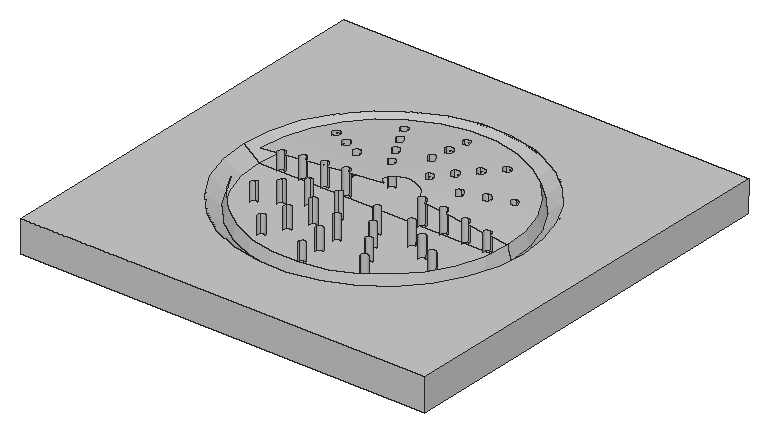
Revit family "PlumbingFixture_GroheLimited_Rainshower_FSeriesSideShower_27251000_METRIC1", category Plumbing Fixtures, host Face, Revit 2015
Parameters (values of type "27251000")
  _DistributedBy = "www.bimstore.co.uk"
  _CurrentRevision = 1
  _CreatedBy = "www.bimstore.co.uk"
  _BimSpecGuid = 0
  _BSBibleVersion = 14
  _AuthorizedBy = "Kris Atkinson"
  _Author = "RW"
  Waste Connection = no
  WarrantyStartDate [instance] = "Please Record On Commissioning."
  WarrantyGuarantorParts = "info-uk@grohe.com"
  WarrantyGuarantorLabor = "info-uk@grohe.com"
  WarrantyDurationUnit = "Years"
  WarrantyDurationParts = "n/a"
  WarrantyDurationLabor = "n/a"
  WarrantyDescription = "n/a"
  WFU = 0
  Vent Connection = no
  URL = "www.grohe.com"
  TypeName = "Rainshower F-Series 5'' Side shower 1 spray"
  Type Comments = "27251000"
  SpareParts = "n/a"
  Size = "n/a"
  Shape = "n/a"
  SerialNumber [instance] = "Please Record On Commissioning."
  ReplacementCost = "n/a"
  ReferencedStandard = "n/a"
  ProductionYear = "2017"
  ProductPageURL = "https://www.grohe.co.uk/en_gb/rainshower-f-series-side-shower-1-spray-27251000.html"
  ProductDocumentationLink = "https://cdn.cloud.grohe.com/tpi/1000/1600/1620/1620/1620854/original/1620854.pdf"
  PrimaryMaterial = GroheLimited-Chrome
  PipeMaterial = GroheLimited-Pipework
  PercentageOfRecycledContent = "n/a"
  NominalLength = 127 mm
  NominalHeight = 127 mm
  NominalDepth = 15 mm
  NBSReference = "45-35-70/333"
  NBSOfficeMasterTag = "n/a"
  NBSObjectName = "Grohe Limited - Shower heads"
  NBSNote = ""
  NBSDescription = "Shower heads"
  ModelReference = "Rainshower F-Series 5'' Side shower 1 spray"
  ModelNumber = "27251000"
  Model = "Rainshower F-Series 5'' Side shower 1 spray"
  Material = "Chrome"
  MasterformatTitle = "Sanitary Facilities"
  MasterformatNumber = "01 52 19"
  ManufacturerName = "Grohe Limited"
  Manufacturer = "Grohe Limited"
  LowEmittingMaterial = no
  LEEDCredit = "n/a"
  Keynote = "N13"
  InstallationDate [instance] = "Please Record On Commissioning."
  IndustryStandards = "n/a"
  IfcExportType = "IfcPipeFittingType"
  IfcExportAs = "IfcPipeFitting"
  HotWaterConnectionDiameter = 10 mm
  HWFU = 4.5
  HW Connection = yes
  Grade = "n/a"
  Finish = "Chrome"
  Features = "Rainshower F-Series 5'' Side shower 1 spray Normal spray including concealed body 127 x 127 mm flow straightener with ball joint (± 12.5° rotatable) connection thread ½'' GROHE DreamSpray perfect spray pattern GROHE StarLight chrome finish GROHE FlowBalance flow regulating screw SpeedClean anti-lime system suitable for instantaneous heater"
  ExpectedLife = 0
  Ecojoy = no
  DurationUnit = "Years"
  DocumentationTechnical = "n/a"
  DocumentationMaintenance = "https://cdn.cloud.grohe.com/tpi/1000/1900/1940/1948/1948997/original/1948997.pdf#_ga=2.186584809.1122286748.1499669933-265171350.1499239726"
  DocumentationLiterature = "n/a"
  DocumentationInstallationGuide = "n/a"
  DocumentationCertificates = "n/a"
  Description = "Rainshower F-Series 5'' Side shower 1 spray Normal spray including concealed body 127 x 127 mm flow straightener with ball joint (± 12.5° rotatable) connection thread ½'' GROHE DreamSpray perfect spray pattern GROHE StarLight chrome finish GROHE FlowBalance flow regulating screw SpeedClean anti-lime system suitable for instantaneous heater"
  Default Elevation = 0 mm
  CreatedOn = "2017-06-01T09:00:00"
  CreatedBy = "info-uk@grohe.com"
  Cost = 0
  Constituents = "n/a"
  Color = "Chrome"
  ColdWaterConnectionDiameter = 10 mm
  CodePerformance = "n/a"
  ClassificationValue = "Pr_40_20_87_76"
  ClassificationName = "Uniclass2015"
  CWFU = 4.5
  CW Connection = yes
  BarCode [instance] = "Please Record On Commissioning."
  BIMObjectName = "PlumbingFixture_GroheLimited_Rainshower_FSeriesSideShower_27251000_METRIC"
  AssetType = "Fixed"
  AssetIdentifier [instance] = "Please Record On Commissioning."
  Assembly Code = "D2010"
  AccessibilityPerformance = "n/a"
  ADACompliant = no
Types (10, lengths in mm): name | Type Comments | PrimaryMaterial | ModelNumber | Material | Finish | Color
  (no name) | "27251000" | GroheLimited-Chrome | "27251000" | "Chrome" | "Chrome" | "Chrome"
  27251000 | "27251000" | GroheLimited-Chrome | "27251000" | "Chrome" | "Chrome" | "Chrome"
  27251A00 | "27251A00" | GroheLimited-HardGraphite | "27251A00" | "Hard Graphite" | "Hard Graphite" | "Hard Graphite"
  27251AL0 | "27251AL0" | GroheLimited-BrushedHardGraphite | "27251AL0" | "Brushed Hard Graphite" | "Brushed Hard Graphite" | "Brushed Hard Graphite"
  27251EN0 | "27251EN0" | GroheLimited-BrushedNickel | "27251EN0" | "Brushed Nickel" | "Brushed Nickel" | "Brushed Nickel"
  27251BE0 | "27251BE0" | GroheLimited-Nickel | "27251BE0" | "Polished Nickel" | "Polished Nickel" | "Polished Nickel"
  27251DA0 | "27251DA0" | GroheLimited-WarmSunset | "27251DA0" | "Warm Sunset" | "Warm Sunset" | "Warm Sunset"
  27251DL0 | "27251DL0" | GroheLimited-BrushedWarmSunset | "27251DL0" | "Brushed Warm Sunset" | "Brushed Warm Sunset" | "Brushed Warm Sunset"
  27251GL0 | "27251GL0" | GroheLimited-CoolSunrise | "27251GL0" | "Cool Sunrise" | "Cool Sunrise" | "Cool Sunrise"
  27251GN0 | "27251GN0" | GroheLimited-BrushedCoolSunrise | "27251GN0" | "Brushed Cool Sunrise" | "Brushed Cool Sunrise" | "Brushed Cool Sunrise"
Reference planes
  plane 1 "Center (Front/Back)": y = 0
  plane 2: z = 0
  plane 3 "Center (Left/Right)": x = 0
  plane 4: z = 0
  plane 5 "Logo": z = 10
Forms (mm)
  Sweep 1, solid, material "GroheLimited-Pipework" <- "PipeMaterial"
    path in 3D
      loop
        line (6.735, 0, 0) -> (6.735, 0, -22.649)
    profile origin (6.735, 0, -11.324) x (0, -1, 0) y (1, 0, 0)
      loop
        circle (0, 0) r 4.75
  Sweep 2, solid, material "GroheLimited-Pipework" <- "PipeMaterial"
    path in 3D
      loop
        line (-6.39, 0, 0) -> (-6.39, 0, -22.649)
    profile origin (-6.39, 0, -11.324) x (0, -1, 0) y (1, 0, 0)
      loop
        circle (0, 0) r 4.75
  Extrusion 3, solid, material "GroheLimited-Chrome" <- "PrimaryMaterial"
    sketch origin (6.735, 0, -11.324) x (0, -1, 0) y (1, 0, 0)
      loop
        line (-63.5, -70.235) -> (63.5, -70.235) -> (63.5, 56.765) -> (-63.5, 56.765) -> (-63.5, -70.235)
    from 11.324 to 21.324
  Revolve 4, solid, material "GroheLimited-Chrome" <- "PrimaryMaterial"
    sketch origin (0, 0, 0) x (1, 0, 0) y (0, 0, 1)
      loop
        line (-38.923, 10.534) -> (-40.139, 6.352) -> (0, 6.352) -> (0, 14.5)
        arc (0, 14.5) -> (-19.562, 13.506) -> (-38.923, 10.534) r 192.982
      axis (0, 14.5) -> (0, 6.352)
    angle from 0 to 360
  Revolve 5, void
    sketch origin (0, 0, 0) x (1, 0, 0) y (0, 0, 1)
      loop
        line (-44.123, 10) -> (-39.374, 6.352) -> (0, 6.352) -> (0, 11.999) -> (-44.123, 11.999) -> (-44.123, 10)
      axis (0, 11.999) -> (0, 6.352)
    angle from 0 to 360
  Extrusion 6, void
    sketch origin (0, 0, 10) x (0, 1, 0) y (-1, 0, 0)
      loop
        circle (32.393, 0) r 1.022
      loop
        circle (25.531, 0) r 1.022
      loop
        circle (18.732, 0) r 1.022
      loop
        circle (28.053, -16.197) r 1.022
      loop
        circle (22.111, -12.766) r 1.022
      loop
        circle (16.223, -9.366) r 1.022
      loop
        circle (16.197, -28.053) r 1.022
      loop
        circle (12.766, -22.111) r 1.022
      loop
        circle (9.366, -16.223) r 1.022
      loop
        circle (28.053, 16.197) r 1.022
      loop
        circle (22.111, 12.766) r 1.022
      loop
        circle (16.223, 9.366) r 1.022
      loop
        circle (16.197, 28.053) r 1.022
      loop
        circle (12.766, 22.111) r 1.022
      loop
        circle (9.366, 16.223) r 1.022
      loop
        circle (-32.393, 0) r 1.022
      loop
        circle (-25.531, 0) r 1.022
      loop
        circle (-18.732, 0) r 1.022
      loop
        circle (-28.053, -16.197) r 1.022
      loop
        circle (-22.111, -12.766) r 1.022
      loop
        circle (-16.223, -9.366) r 1.022
      loop
        circle (-16.197, -28.053) r 1.022
      loop
        circle (-12.766, -22.111) r 1.022
      loop
        circle (-9.366, -16.223) r 1.022
      loop
        circle (-28.053, 16.197) r 1.022
      loop
        circle (-22.111, 12.766) r 1.022
      loop
        circle (-16.223, 9.366) r 1.022
      loop
        circle (-16.197, 28.053) r 1.022
      loop
        circle (-12.766, 22.111) r 1.022
      loop
        circle (-9.366, 16.223) r 1.022
      loop
        circle (0, 32.393) r 1.022
      loop
        circle (0, 25.531) r 1.022
      loop
        circle (0, 18.732) r 1.022
      loop
        circle (0, 11.934) r 1.022
      loop
        circle (0, -32.393) r 1.022
      loop
        circle (0, -25.531) r 1.022
      loop
        circle (0, -18.732) r 1.022
      loop
        circle (0, -11.934) r 1.022
      loop
        circle (10.335, 5.967) r 1.022
      loop
        circle (10.335, -5.967) r 1.022
      loop
        circle (-10.335, 5.967) r 1.022
      loop
        circle (-10.335, -5.967) r 1.022
    from -7.348 to 6.148
Cuts and joins
  Revolve 5 cuts Extrusion 3
  Extrusion 6 cuts Revolve 4
Lines and regions (mm)
  sketch lines
    curve 1: line (6.735, 0, 0) -> (6.735, 0, -22.649)
    curve 2: line (-6.39, 0, 0) -> (-6.39, 0, -22.649)
  model lines, detail levels fine
    curve 3: circle (0, -52.102, 10) r 1.882 normal (0, 0, 1)
    curve 4: line (-5.691, -53.985, 10) -> (-5.691, -50.22, 10)
    curve 5: line (-5.691, -50.22, 10) -> (-4.248, -50.22, 10)
    curve 6: line (-4.248, -52.102, 10) -> (-5.691, -52.102, 10)
    curve 7: line (-3.043, -53.985, 10) -> (-4.248, -52.102, 10)
    curve 8: arc (-4.248, -52.102, 10) -> (-3.306, -51.161, 10) -> (-4.248, -50.22, 10) r 0.941
    curve 9: arc (-6.82, -50.45, 10) -> (-9.547, -51.636, 10) -> (-7.723, -53.985, 10) r 1.882
    curve 10: line (-6.82, -53.985, 10) -> (-7.723, -53.985, 10)
    curve 11: line (-6.82, -53.985, 10) -> (-6.82, -52.488, 10)
    curve 12: line (3.012, -53.985, 10) -> (3.012, -50.22, 10)
    curve 13: line (3.012, -52.102, 10) -> (5.659, -52.102, 10)
    curve 14: line (6.789, -53.985, 10) -> (6.789, -50.22, 10)
    curve 15: line (6.789, -50.22, 10) -> (9.436, -50.22, 10)
    curve 16: line (9.436, -53.985, 10) -> (6.789, -53.985, 10)
    curve 17: line (6.789, -52.102, 10) -> (8.688, -52.102, 10)
    curve 18: line (5.659, -50.22, 10) -> (5.659, -53.985, 10)
    curve 35: line (-9.606, -56.214, 10) -> (9.436, -56.214, 10)
    curve 36: line (-8.747, -56.71, 10) -> (8.615, -56.786, 10)
    curve 37: line (-7.57, -57.39, 10) -> (7.594, -57.39, 10)
  model lines, not visible, detail levels fine
    curve 19: circle (-2.037, 101.335, 10) r 1.882 normal (0, 0, 1)
    curve 20: line (-7.727, 99.453, 10) -> (-7.727, 103.218, 10)
    curve 21: line (-7.727, 103.218, 10) -> (-6.284, 103.218, 10)
    curve 22: line (-6.284, 101.335, 10) -> (-7.727, 101.335, 10)
    curve 23: line (-5.08, 99.453, 10) -> (-6.284, 101.335, 10)
    curve 24: arc (-6.284, 101.335, 10) -> (-5.343, 102.277, 10) -> (-6.284, 103.218, 10) r 0.941
    curve 25: arc (-8.857, 102.987, 10) -> (-11.583, 101.801, 10) -> (-9.76, 99.453, 10) r 1.882
    curve 26: line (-8.857, 99.453, 10) -> (-9.76, 99.453, 10)
    curve 27: line (-8.857, 99.453, 10) -> (-8.857, 100.95, 10)
    curve 28: line (0.975, 99.453, 10) -> (0.975, 103.218, 10)
    curve 29: line (0.975, 101.335, 10) -> (3.623, 101.335, 10)
    curve 30: line (4.752, 99.453, 10) -> (4.752, 103.218, 10)
    curve 31: line (4.752, 103.218, 10) -> (7.399, 103.218, 10)
    curve 32: line (7.399, 99.453, 10) -> (4.752, 99.453, 10)
    curve 33: line (4.752, 101.335, 10) -> (6.651, 101.335, 10)
    curve 34: line (3.623, 103.218, 10) -> (3.623, 99.453, 10)
    curve 38: line (-11.642, 97.223, 10) -> (7.399, 97.223, 10)
    curve 39: line (-10.784, 96.728, 10) -> (6.578, 96.652, 10)
    curve 40: line (-9.606, 96.048, 10) -> (5.558, 96.048, 10)
Dimensions and locks
  aligned and locked: plane 2 to host face
  aligned and locked: level to host face
Connectors
  piping at (-6.39, 0, -22.649), diameter 10, driven by "HotWaterConnectionDiameter", driven by "HWFU"
    settings: on Sweep 2, index 1, connector inside diameter 24", connector length 0 mm, flow factor 0, pipe flow 0 GPM, pressure drop 0.00 psi, fitting loss kfactor 0, connector angle 0.00°, fixture units 4.5, engagement length 0 mm, angle of deflection 0.00°, flow configuration 3, flow direction 1, fitting loss method 4, system type 19, joint type 0, gender type 0, connector reference index -1, connector utility 0, adjustable connector no, is connector primary yes, connector description ""
  piping at (6.735, 0, -22.649), diameter 10, driven by "ColdWaterConnectionDiameter", driven by "HWFU"
    settings: on Sweep 1, index 2, connector inside diameter 24", connector length 0 mm, flow factor 0, pipe flow 0 GPM, pressure drop 0.00 psi, fitting loss kfactor 0, connector angle 0.00°, fixture units 4.5, engagement length 0 mm, angle of deflection 0.00°, flow configuration 3, flow direction 1, fitting loss method 4, system type 20, joint type 0, gender type 0, connector reference index -1, connector utility 0, adjustable connector no, is connector primary no, connector description ""
